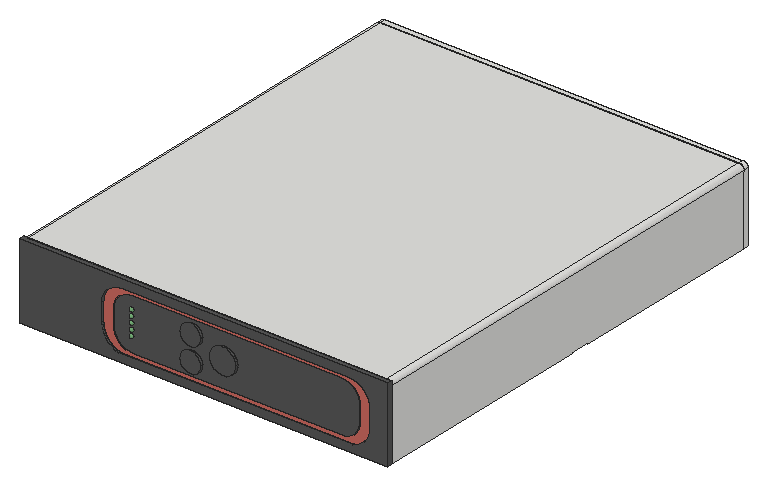
Revit family "Electronics_Video-Encoders_Biamp_Tesira_TesiraLUX_IDH-1__", category Communication Devices, host Face, Revit 2020
Family settings
  Host = Face
  Maintain Annotation Orientation = No
  Round Connector Dimension = Use Diameter
  Part Type = Normal
  OmniClass Number = 23.85.10.11.11
  OmniClass Title = Sound and Signal Devices
  Cut with Voids When Loaded = No
  Shared = No
  Room Calculation Point = No
Parameters (values of type "IDH-1")
  Width = 8.50"  # constant formula
  Weight = 4.00 lbf  # constant formula
  Voltage = 120 V
  Temperature Range = "32 - 104° F (0 - 40° C)"  # constant formula
  THD+N = "0dB Gain, +4dBu In: < 0.006% at 22Hz~22kHz; 54dB Gain, -50dBu In: < 0.040% at 22Hz~22kHz; "  # constant formula
  Supported Resolutions = "Up to 4K60"  # constant formula
  Sampling Rate = "48kHz"  # constant formula
  Rotation Angle [instance] = if(or([Nominal RMK-1], [Nominal RMK-2]), 0.00°, 90.00°)  # 90.00°
  RS-232 = "115200/8-N-1"  # constant formula
  Product data url = "https://www.bimobject.com/biamp/product/tesiralux-idh-1_video-encoders-decoder"
  Power Factor = 1
  Physical Interface = "HDMI, DisplayPort"  # constant formula
  Phantom Power = "+48 VDC (7mA/input)"  # constant formula
  Offset Entourage X [instance] = if([Nominal RMK-1], 4.4685", if([Nominal RMK-2], 4.46063", if([Nominal UTMK-1], 0.00", if(Nominal No mount, 0.00", 0.00"))))  # 0.00"
  UTMK-1 = UTMK-1 : UTMK-1
  URL = "https://www.biamp.com/"
  RMK-2 = RMK-2 : RMK-2
  Product Page URL = "https://www.biamp.com/products/tesira-video-encoders-decoders#tesiralux-idh-1"
  Product Documentation Link = "https://downloads.biamp.com/assets/docs/default-source/data-sheets/biamp_data_sheet_tesiralux_idh-1_feb20.pdf"
  RMK-1 = RMK-1 : RMK-1
  Offset Entourage Y [instance] = if([Nominal RMK-1], 1.385", if([Nominal RMK-2], 1.385", if([Nominal UTMK-1], 0.00", if(Nominal No mount, 0.00", 0.00"))))  # 0.00"
  Offset [instance] = if([Nominal RMK-1], 0.00", if([Nominal RMK-2], 0.08", if([Nominal UTMK-1], 0.08", if(Nominal No mount, 0.00", 0.00"))))  # 0.00"
  Number of Poles = 1  # constant formula
  Nominal UTMK-1 [instance] = Mount Type = [UTMK-1]  # no
  Nominal RMK-2 [instance] = Mount Type = [RMK-2]  # no
  Nominal RMK-1 [instance] = Mount Type = [RMK-1]  # no
  Nominal No mount [instance] = Mount Type = No mount  # yes
  No mount = No mount : No mount
  Network Transit Latency = "1.5 frames (25ms at 60fps)"  # constant formula
  Mount Type [instance] = No mount : No mount
  Model = "TesiraLUX IDH-1"  # constant formula
  Media Connections = "1Gb: RJ-45 twisted-pair Ethernet (Cat 5e and above); 10Gb: 10G fiber SFP+"  # constant formula
  Maximum Input = "+24dBu"  # constant formula
  Manufacturer = "Biamp"  # constant formula
  Logic Output Type = "Open Collector; Sink 40V/300mA per output"  # constant formula
  Logic Input Trigger = "Contact Closure or 5V TTL"  # constant formula
  LED Driver = "5V/10mA per output"  # constant formula
  Input Impedance = "8 kohm (balanced)"  # constant formula
  Input Gain Range = "0 - 66dB at 6dB Steps"  # constant formula
  Humidity = "0-95% relative humidity (non-condensing)"  # constant formula
  Housing Material = Biamp - Metal - Silver
  Height = 1.75"  # constant formula
  HDMI Audio Formats = "8ch PCM"  # constant formula
  Frequency Response = "+0.25 dB/-0.5 dB 20Hz~20kHz at +4dBu"  # constant formula
  EIN = "20Hz~20kHz, 66dB Gain, 150 ohm: < -125dBu"  # constant formula
  Dynamic Range = "22Hz to 22kHz, 0dB gain: > 108dB"  # constant formula
  Description = "TesiraLUX™ IDH-1 AVB Video Encoder"  # constant formula
  Depth = 10.40"  # constant formula
  Default Elevation = 48.00"
  Current = 0.5 A
  Cross Talk = "0dB Gain, +4dBu In: < -85dB channel to channel at 1kHz; 54dB Gain, -50dBu In: < -75dB channel to channel at 1kHz; "  # constant formula
  Control Connection = "RJ-45 with Ethernet cable (Cat 5e and above)"  # constant formula
  Connector Description = "100 - 240V 50/60Hz"  # constant formula
  Compliance = "FCC Part 15B (USA); UL and C-UL (USA and Canada); CE Marked (Europe); RoHS Directive (Europe)"  # constant formula
  Colorspace = "Up to Rec. 2020"  # constant formula
  Color Formats = "Color Formats"  # constant formula
  Color Depth = "8-bit, 10-bit, 12-bit, 16-bit"  # constant formula
  Chroma Subsampling = "4:4:4, 4:2:2, 4:2:0"  # constant formula
  Assembly Code = ""
  Apparent Load = Voltage * Current  # 60 VA
  Altitude = "0-6,600 ft (0-2000m) MSL"  # constant formula
  A/D - D/A Converters = "24-bit"  # constant formula
Reference planes (in)
  plane 1 "Center (Front/Back)": y = 0
  plane 2: z = 0
  plane 3: x = 0
  plane 4: x = 4.25
  plane 5 "Center (Left/Right)": x = -4.25
  plane 6: y = 5.2
  plane 7: y = -5.2
  plane 8: z = 1.78516
  plane 9: y = -5.19922
  plane 10: y = -5.09462
  plane 11: z = 1.66016
  plane 12 "2": z = 0.03516
  plane 13: x = -4.70577
  plane 14: x = 13.63823
Lines and regions (in)
  symbolic lines, visible <- "Nominal RMK-1"
    curve 1: line (4.40636, -5.2, 0) -> (13.9683, -5.2, 0)
    curve 2: line (13.9683, -5.11416, 0) -> (4.40636, -5.11416, 0)
    curve 3: line (13.9683, -5.2, 0) -> (13.9683, -5.11416, 0)
  symbolic lines, visible <- "Nominal RMK-2"
    curve 4: line (13.28048, -5.09492, 0) -> (13.28048, -4.11311, 0)
    curve 5: line (13.17557, -4.11311, 0) -> (13.17557, -5.09458, 0)
    curve 6: line (13.17557, -4.11311, 0) -> (13.28048, -4.11311, 0)
    curve 7: arc (13.17557, -5.09458, 0) -> (13.21163, -5.18165, 0) -> (13.2987, -5.21771, 0) r 0.12313
    curve 8: line (13.92601, -5.11311, 0) -> (13.29794, -5.11311, 0)
    curve 9: line (13.92601, -5.21771, 0) -> (13.92601, -5.11311, 0)
    curve 10: line (13.2987, -5.21771, 0) -> (13.92601, -5.21771, 0)
    curve 11: arc (13.28048, -5.09492, 0) -> (13.28555, -5.10753, 0) -> (13.29794, -5.11311, 0) r 0.01821
  reference lines
    curve 12: line (-1.71783, -5.09462, 0) -> (-1.71783, -2.44879, 0)
Dimensions and locks (in)
  "Width": plane 5 "Center (Left/Right)" to plane 4
  equal spacing: plane 5 "Center (Left/Right)", plane 3, plane 4
  equal spacing: plane 7, plane 1 "Center (Front/Back)", plane 6
  "Depth": plane 6 to plane 7
  "Height": plane 8 to plane 12 "2"
  locked: plane 9 to plane 10 at 0.1046
  locked: plane 11 to plane 12 "2" at 1.625
  "Offset Entourage X": nested 1 to plane 3
  plane 8 to plane 12 "2" = 1.75"
  "Rotation Angle": angle curve 12 to plane 10
  aligned and locked: plane 2 to host face
  aligned and locked: level to host face
  aligned and locked: plane 10 to curve 12
  aligned and locked: plane 4 to nested 2
  aligned and locked: level to curve 12
Automatic sketch dimensions
  plane 7 to curve 1 = 0.00"
  curve 6 to plane 10 = 0.98151"
  curve 5 to curve 4 = 0.10491"
  curve 4 to curve 8 = 0.01746"
  plane 10 to curve 11 = 0.0003"
  curve 4 to curve 11 = 0.01821"
  curve 7 to plane 10 = 0.00004"
  curve 11 to curve 7 = 0.00001"
  curve 7 to curve 10 = 0.62731"
  curve 9 to curve 3 = 0.04229"
  plane 10 to curve 3 = 0.01954"
  host sketch curve to host sketch curve = 69.9283"
  host sketch curve to host sketch curve = 69.30298"
  plane 4 to curve 6 = 8.92557"
  plane 4 to curve 1 = 0.15636"
  curve 2 to curve 1 = 0.00"
Nested families (in)
  nested 1: "No mount" at (0, -3.81492, 0), type <- "Mount Type", type "No mount"
  nested 2: "TESIRA" at (-0.00197, 0, 0), Offset <- "Offset", type "IDH-1"
    with Offset 0.00"
Connectors (in)
  electrical at (3.01775, 5.07966, 1.07599), driven by "Number of Poles", driven by "Voltage", driven by "Apparent Load", driven by "Power Factor", driven by "Connector Description"
    settings: on nested 2, index 1, voltage 120 V, apparent load 0 VA, apparent load phase1 60 VA, apparent load phase2 0 VA, apparent load phase3 0 VA, power factor 1, load classification "Other", number of poles 1, system type 31, power factor state 1, is connector primary yes, connector utility no, sub classification motor no, connector description "100 - 240V 50/60Hz"
  electrical at (1.22968, 5.07966, 1.1377)
    settings: on nested 2, index 2, voltage 0 V, apparent load 0 VA, apparent load phase1 0 VA, apparent load phase2 0 VA, apparent load phase3 0 VA, power factor 1, load classification "Other", number of poles 1, system type 5, power factor state 1, is connector primary no, connector utility no, sub classification motor no, connector description "RS-232"
  electrical at (1.36305, 5.07966, 0.35622)
    settings: on nested 2, index 3, voltage 0 V, apparent load 0 VA, apparent load phase1 0 VA, apparent load phase2 0 VA, apparent load phase3 0 VA, power factor 1, load classification "Other", number of poles 1, system type 5, power factor state 1, is connector primary no, connector utility no, sub classification motor no, connector description "RJ-45; Control"
  electrical at (0.1004, 5.07966, 0.35115)
    settings: on nested 2, index 4, voltage 0 V, apparent load 0 VA, apparent load phase1 0 VA, apparent load phase2 0 VA, apparent load phase3 0 VA, power factor 1, load classification "Other", number of poles 1, system type 5, power factor state 1, is connector primary no, connector utility no, sub classification motor no, connector description "RJ-45; AVB Network connector"
  electrical at (0.06684, 5.07966, 1.03556)
    settings: on nested 2, index 5, voltage 0 V, apparent load 0 VA, apparent load phase1 0 VA, apparent load phase2 0 VA, apparent load phase3 0 VA, power factor 1, load classification "Other", number of poles 1, system type 5, power factor state 1, is connector primary no, connector utility no, sub classification motor no, connector description "Logic I/O"
  electrical at (-0.91725, 5.07966, 1.10599)
    settings: on nested 2, index 6, voltage 0 V, apparent load 0 VA, apparent load phase1 0 VA, apparent load phase2 0 VA, apparent load phase3 0 VA, power factor 1, load classification "Other", number of poles 1, system type 5, power factor state 1, is connector primary no, connector utility no, sub classification motor no, connector description "Audio Input 2"
  electrical at (-0.97427, 5.07966, 0.43782)
    settings: on nested 2, index 7, voltage 0 V, apparent load 0 VA, apparent load phase1 0 VA, apparent load phase2 0 VA, apparent load phase3 0 VA, power factor 1, load classification "Other", number of poles 1, system type 5, power factor state 1, is connector primary no, connector utility no, sub classification motor no, connector description "AVB SFP+"
  electrical at (-1.72237, 5.07966, 1.10318)
    settings: on nested 2, index 8, voltage 0 V, apparent load 0 VA, apparent load phase1 0 VA, apparent load phase2 0 VA, apparent load phase3 0 VA, power factor 1, load classification "Other", number of poles 1, system type 5, power factor state 1, is connector primary no, connector utility no, sub classification motor no, connector description "Audio Input 1"
  electrical at (-2.4154, 5.07966, 0.38188)
    settings: on nested 2, index 9, voltage 0 V, apparent load 0 VA, apparent load phase1 0 VA, apparent load phase2 0 VA, apparent load phase3 0 VA, power factor 1, load classification "Other", number of poles 1, system type 5, power factor state 1, is connector primary no, connector utility no, sub classification motor no, connector description "HDMI; Media Input"
  electrical at (-3.44866, 5.07966, 0.38188)
    settings: on nested 2, index 10, voltage 0 V, apparent load 0 VA, apparent load phase1 0 VA, apparent load phase2 0 VA, apparent load phase3 0 VA, power factor 1, load classification "Other", number of poles 1, system type 5, power factor state 1, is connector primary no, connector utility no, sub classification motor no, connector description "DisplayPort; Media Input"
Definition of nested family "TESIRA"
  Parameters (values of type "IDH-1")
    Width = 8.50394"
    Weight = 4.00 lbf
    Offset 2 = 6.81724"
    OH-1 visible panel back = no
    IDH-1 visible panel back = yes
    URL = "https://www.biamp.com"
    Offset [instance] = 0.00"
    Model = "TESIRALUX IDH-1"
    Material Case = none
    Manufacturer = "Biamp®"
    Height = 1.73228"
    Description = "TesiraLUX™ IDH-1 is an AVB/TSN enabled video encoder capable of transmitting video signals up to and including 4K60. The IDH-1 functions as a server-class device in a Tesira media system and is confgured through the Tesira software. Acting as an AVB talker, the IDH-1 fully integrates digital audio and video on a single network, allowing for automatic lip sync management and end-to-end network transit latencies of 1.5 frames or less. Integrated design, configuration, and control is facilitated via a single software platform, reducing the design time needed to deploy media systems. Multiple software-based options are available for managing bandwidth, including setting maximum resolution, minimum frame rate, and/or a rate of compression. The AVB/TSN streams can be over 1Gb or 10Gb ports while control signals are managed via a separate 1Gb Ethernet port. The IDH-1 accepts 8 channels of PCM audio for embedding/deembedding, and includes 2 mic/line level analog inputs. The TesiraLUX IDH-1 is well suited for legal proceedings, lecture halls, multi-use spaces, and other applications where low latency, synchronized media distribution is needed."
    Depth = 10.3937"
    Default Elevation = 48.00"
    Assembly Code = "D6030.10"
  Types (2): name | OH-1 visible panel back | IDH-1 visible panel back | URL | Model | Manufacturer | Description | Assembly Code
    IDH-1 | no | yes | "https://www.biamp.com" | "TESIRALUX IDH-1" | "Biamp®" | "TesiraLUX™ IDH-1 is an AVB/TSN enabled video encoder capable of transmitting video signals up to and including 4K60. The IDH-1 functions as a server-class device in a Tesira media system and is confgured through the Tesira software. Acting as an AVB talker, the IDH-1 fully integrates digital audio and video on a single network, allowing for automatic lip sync management and end-to-end network transit latencies of 1.5 frames or less. Integrated design, configuration, and control is facilitated via a single software platform, reducing the design time needed to deploy media systems. Multiple software-based options are available for managing bandwidth, including setting maximum resolution, minimum frame rate, and/or a rate of compression. The AVB/TSN streams can be over 1Gb or 10Gb ports while control signals are managed via a separate 1Gb Ethernet port. The IDH-1 accepts 8 channels of PCM audio for embedding/deembedding, and includes 2 mic/line level analog inputs. The TesiraLUX IDH-1 is well suited for legal proceedings, lecture halls, multi-use spaces, and other applications where low latency, synchronized media distribution is needed." | "D6030.10"
    OH-1 | yes | no | "" | "" | "" | "" | ""
  Reference planes (in)
    plane 1 "Center (Front/Back)": y = 0
    plane 2: z = 0
    plane 3 "Center (Left/Right)": x = 0
    plane 4: x = -4.25197
    plane 5: x = 4.25197
    plane 6: y = 5.19685
    plane 7: y = -5.19685
    plane 8: z = 0.0359
    plane 9: z = 0
    plane 10: z = 0.0359
    plane 11: z = 1.73228
    plane 12: y = -12.01409
  Forms (in)
    Extrusion 1, solid
      sketch origin (0, 0, 0) x (1, 0, 0) y (0, 1, 0)
        loop
          line (-48, 48) -> (-48, -48) -> (48, -48) -> (48, 48) -> (-48, 48)
      from 0 to -12
    Extrusion 2, solid, material <- "Material Case", visible <- "OH-1 visible panel back", detail levels fine
      sketch origin (0, 0, 0) x (1, 0, 0) y (0, 0, 1)
        loop
          arc (-4.13386, 1.73228) -> (-4.21737, 1.69769) -> (-4.25197, 1.61417) r 0.11811
          line (-4.25197, 1.61417) -> (-4.25197, 0) -> (4.25197, 0) -> (4.25197, 1.61417)
          arc (4.25197, 1.61417) -> (4.21737, 1.69769) -> (4.13386, 1.73228) r 0.11811
          line (4.13386, 1.73228) -> (-4.13386, 1.73228)
      from -5.19685 to -5.07966
    Extrusion 3, void, detail levels fine
      sketch origin (0, 0, 0) x (1, 0, 0) y (0, 0, 1)
        loop
          arc (-1.9061, 1.53543) -> (-2.22328, 1.40406) -> (-2.35466, 1.08688) r 0.44855
          line (-2.35466, 1.08688) -> (-2.35466, 0.66854)
          arc (-2.35466, 0.66854) -> (-2.20929, 0.31761) -> (-1.85836, 0.17224) r 0.49629
          line (-1.85836, 0.17224) -> (3.35675, 0.17224)
          arc (3.35675, 0.17224) -> (3.69746, 0.31337) -> (3.83858, 0.65408) r 0.48183
          line (3.83858, 0.65408) -> (3.83858, 1.04222)
          arc (3.83858, 1.04222) -> (3.69412, 1.39097) -> (3.34537, 1.53543) r 0.49322
          line (3.34537, 1.53543) -> (-1.9061, 1.53543)
      from 5.07874 to 5.19685
    Extrusion 4, solid, detail levels fine
      sketch origin (0, 0, 0) x (1, 0, 0) y (0, 0, 1)
        loop
          arc (-1.70316, 1.44439) -> (-1.99854, 1.32204) -> (-2.1209, 1.02665) r 0.41774
          line (-2.1209, 1.02665) -> (-2.1209, 0.69781)
          arc (-2.1209, 0.69781) -> (-1.98642, 0.37316) -> (-1.66176, 0.23868) r 0.45913
          line (-1.66176, 0.23868) -> (3.12883, 0.23868)
          arc (3.12883, 0.23868) -> (3.44801, 0.37089) -> (3.58022, 0.69006) r 0.45138
          line (3.58022, 0.69006) -> (3.58022, 1.00574)
          arc (3.58022, 1.00574) -> (3.45174, 1.31591) -> (3.14157, 1.44439) r 0.43865
          line (3.14157, 1.44439) -> (-1.70316, 1.44439)
      from 5.07874 to 5.15748
    Revolve 5, solid, detail levels fine
      sketch origin (-1.69644, 0, -0.14456) x (0, 0, 1) y (0, -1, 0)
        loop
          arc (1.33717, 5.15748) -> (1.29771, 5.19694) -> (1.25824, 5.15748) r 0.03946
          line (1.25824, 5.15748) -> (1.33717, 5.15748)
        loop
          arc (1.19785, 5.15748) -> (1.15839, 5.19694) -> (1.11892, 5.15748) r 0.03946
          line (1.11892, 5.15748) -> (1.19785, 5.15748)
        loop
          arc (1.05983, 5.15748) -> (1.02037, 5.19694) -> (0.9809, 5.15748) r 0.03946
          line (0.9809, 5.15748) -> (1.05983, 5.15748)
        loop
          arc (0.92095, 5.15748) -> (0.88149, 5.19694) -> (0.84202, 5.15748) r 0.03946
          line (0.84202, 5.15748) -> (0.92095, 5.15748)
        loop
          arc (0.78497, 5.15748) -> (0.7455, 5.19694) -> (0.70604, 5.15748) r 0.03946
          line (0.70604, 5.15748) -> (0.78497, 5.15748)
        axis (1.33717, 5.15748) -> (0.70604, 5.15748)
      angle from 270 to 450
    Extrusion 6, solid, detail levels fine
      sketch origin (0, 0.80907, 1.73228) x (1, 0, 0) y (0, 1, 0)
        loop
          line (4.25197, -5.88781) -> (-4.25197, -5.88781) -> (-4.25197, -6.00593) -> (4.25197, -6.00593) -> (4.25197, -5.88781)
      from 0 to -1.73228
    Extrusion 7, void, detail levels fine
      sketch origin (0, 0, 0) x (1, 0, 0) y (0, 0, 1)
        loop
          line (-2.10417, 0.50961) -> (-2.72269, 0.50961) -> (-2.72269, 0.25415) -> (-2.10417, 0.25415) -> (-2.10417, 0.50961)
        loop
          line (-1.39575, 1.32925) -> (-2.04505, 1.32925) -> (-2.04505, 0.87711) -> (-1.39575, 0.87711) -> (-1.39575, 1.32925)
        loop
          line (-0.59195, 1.33233) -> (-1.23861, 1.33233) -> (-1.23861, 0.87965) -> (-0.59195, 0.87965) -> (-0.59195, 1.33233)
        loop
          line (-0.6604, 0.65412) -> (-1.2842, 0.65412) -> (-1.2842, 0.22152) -> (-0.6604, 0.22152) -> (-0.6604, 0.65412)
        loop
          line (0.53271, 1.18718) -> (-0.3951, 1.18718) -> (-0.3951, 0.88393) -> (0.53271, 0.88393) -> (0.53271, 1.18718)
        loop
          line (0.42946, 0.60081) -> (-0.22473, 0.60081) -> (-0.22473, 0.10148) -> (0.42946, 0.10148) -> (0.42946, 0.60081)
        loop
          line (1.69335, 0.60635) -> (1.03668, 0.60635) -> (1.03668, 0.10609) -> (1.69335, 0.10609) -> (1.69335, 0.60635)
        loop
          line (1.49994, 1.37947) -> (0.97594, 1.37947)
          arc (0.97594, 1.37947) -> (0.86324, 1.32572) -> (0.83409, 1.2043) r 0.14502
          line (0.83409, 1.2043) -> (0.8716, 1.02786)
          arc (0.8716, 1.02786) -> (0.91572, 0.95585) -> (0.99533, 0.92766) r 0.1265
          line (0.99533, 0.92766) -> (1.465, 0.92766)
          arc (1.465, 0.92766) -> (1.54353, 0.95585) -> (1.58619, 1.02755) r 0.12345
          line (1.58619, 1.02755) -> (1.62508, 1.22766)
          arc (1.62508, 1.22766) -> (1.59831, 1.33308) -> (1.49994, 1.37947) r 0.12748
        loop
          line (3.4038, 1.53539) -> (2.63622, 1.53539)
          arc (2.63622, 1.53539) -> (2.47481, 1.46853) -> (2.40795, 1.30712) r 0.22827
          line (2.40795, 1.30712) -> (2.40795, 0.83462)
          arc (2.40795, 0.83462) -> (2.46988, 0.68511) -> (2.61939, 0.62318) r 0.21144
          line (2.61939, 0.62318) -> (3.4133, 0.62318)
          arc (3.4133, 0.62318) -> (3.56977, 0.68799) -> (3.63458, 0.84445) r 0.22127
          line (3.63458, 0.84445) -> (3.63458, 1.30461)
          arc (3.63458, 1.30461) -> (3.56698, 1.46779) -> (3.4038, 1.53539) r 0.23078
      from -5.19685 to -5.07966
    Extrusion 8, solid, detail levels medium
      sketch origin (0, 0.80907, 0) x (1, 0, 0) y (0, -1, 0)
        loop
          line (-4.25197, 5.88781) -> (4.25197, 5.88781) -> (4.25197, 6.00593) -> (-4.25197, 6.00593) -> (-4.25197, 5.88781)
      from 0 to -1.73228
    Extrusion 9, solid, material <- "Material Case", detail levels medium
      sketch origin (0, 0, 0) x (1, 0, 0) y (0, 0, 1)
        loop
          arc (-4.13386, 1.73228) -> (-4.21737, 1.69769) -> (-4.25197, 1.61417) r 0.11811
          line (-4.25197, 1.61417) -> (-4.25197, 0) -> (4.25197, 0) -> (4.25197, 1.61417)
          arc (4.25197, 1.61417) -> (4.21737, 1.69769) -> (4.13386, 1.73228) r 0.11811
          line (4.13386, 1.73228) -> (-4.13386, 1.73228)
      from -5.19685 to 5.07874
    Extrusion 10, solid, material <- "Material Case", detail levels coarse
      sketch origin (0, 0.80907, 0) x (1, 0, 0) y (0, -1, 0)
        loop
          line (-4.25197, -4.38778) -> (4.25197, -4.38778) -> (4.25197, 6.00593) -> (-4.25197, 6.00593) -> (-4.25197, -4.38778)
      from -1.73228 to 0
    Extrusion 11, solid, material <- "Material Case", detail levels fine
      sketch origin (-2.66886, 0, 0) x (1, 0, 0) y (0, 0, 1)
        loop
          arc (-1.465, 1.73228) -> (-1.54852, 1.69769) -> (-1.58311, 1.61417) r 0.11811
          line (-1.58311, 1.61417) -> (-1.58311, 0) -> (6.92082, 0) -> (6.92082, 1.61417)
          arc (6.92082, 1.61417) -> (6.88623, 1.69769) -> (6.80271, 1.73228) r 0.11811
          line (6.80271, 1.73228) -> (-1.465, 1.73228)
      from -5.07966 to 5.07874
    Extrusion 12, solid, material <- "Material Case", visible <- "IDH-1 visible panel back"
      sketch origin (0, 0, 0) x (1, 0, 0) y (0, 0, 1)
        loop
          line (4.25197, 0) -> (4.25197, 1.61417)
          arc (4.25197, 1.61417) -> (4.21737, 1.69769) -> (4.13386, 1.73228) r 0.11811
          line (4.13386, 1.73228) -> (-4.13386, 1.73228)
          arc (-4.13386, 1.73228) -> (-4.21737, 1.69769) -> (-4.25197, 1.61417) r 0.11811
          line (-4.25197, 1.61417) -> (-4.25197, 0) -> (4.25197, 0)
      from -5.19685 to -5.07966
    Extrusion 13, void, detail levels fine
      sketch origin (0, 0, 0) x (1, 0, 0) y (0, 0, 1)
        loop
          line (-2.10417, 0.50961) -> (-2.72269, 0.50961) -> (-2.72269, 0.25415) -> (-2.10417, 0.25415) -> (-2.10417, 0.50961)
        loop
          line (-1.39575, 1.32925) -> (-2.04505, 1.32925) -> (-2.04505, 0.87711) -> (-1.39575, 0.87711) -> (-1.39575, 1.32925)
        loop
          line (-0.59195, 1.33233) -> (-1.23861, 1.33233) -> (-1.23861, 0.87965) -> (-0.59195, 0.87965) -> (-0.59195, 1.33233)
        loop
          line (-0.6604, 0.65412) -> (-1.2842, 0.65412) -> (-1.2842, 0.22152) -> (-0.6604, 0.22152) -> (-0.6604, 0.65412)
        loop
          line (0.53271, 1.18718) -> (-0.3951, 1.18718) -> (-0.3951, 0.88393) -> (0.53271, 0.88393) -> (0.53271, 1.18718)
        loop
          line (0.42946, 0.60081) -> (-0.22473, 0.60081) -> (-0.22473, 0.10148) -> (0.42946, 0.10148) -> (0.42946, 0.60081)
        loop
          line (1.69335, 0.60635) -> (1.03668, 0.60635) -> (1.03668, 0.10609) -> (1.69335, 0.10609) -> (1.69335, 0.60635)
        loop
          line (1.49994, 1.37947) -> (0.97594, 1.37947)
          arc (0.97594, 1.37947) -> (0.86324, 1.32572) -> (0.83409, 1.2043) r 0.14502
          line (0.83409, 1.2043) -> (0.8716, 1.02786)
          arc (0.8716, 1.02786) -> (0.91572, 0.95585) -> (0.99533, 0.92766) r 0.1265
          line (0.99533, 0.92766) -> (1.465, 0.92766)
          arc (1.465, 0.92766) -> (1.54353, 0.95585) -> (1.58619, 1.02755) r 0.12345
          line (1.58619, 1.02755) -> (1.62508, 1.22766)
          arc (1.62508, 1.22766) -> (1.59831, 1.33308) -> (1.49994, 1.37947) r 0.12748
        loop
          line (3.4038, 1.53539) -> (2.63622, 1.53539)
          arc (2.63622, 1.53539) -> (2.47481, 1.46853) -> (2.40795, 1.30712) r 0.22827
          line (2.40795, 1.30712) -> (2.40795, 0.83462)
          arc (2.40795, 0.83462) -> (2.46988, 0.68511) -> (2.61939, 0.62318) r 0.21144
          line (2.61939, 0.62318) -> (3.4133, 0.62318)
          arc (3.4133, 0.62318) -> (3.56977, 0.68799) -> (3.63458, 0.84445) r 0.22127
          line (3.63458, 0.84445) -> (3.63458, 1.30461)
          arc (3.63458, 1.30461) -> (3.56698, 1.46779) -> (3.4038, 1.53539) r 0.23078
        loop
          line (-3.13743, 0.50961) -> (-3.75595, 0.50961) -> (-3.75595, 0.25415) -> (-3.13743, 0.25415) -> (-3.13743, 0.50961)
      from -5.19685 to -5.07966
    Extrusion 14, void
      sketch origin (0, 0, 0) x (1, 0, 0) y (0, 1, 0)
        loop
          line (3.96375, 0.57455) -> (3.96375, 0.10455) -> (4.25197, 0.10455) -> (4.25197, 0.57455) -> (3.96375, 0.57455)
        loop
          line (-3.96375, 0.57455) -> (-4.25197, 0.57455) -> (-4.25197, 0.10455) -> (-3.96375, 0.10455) -> (-3.96375, 0.57455)
      from 0 to 0.0359
    Extrusion 15, solid, detail levels fine
      sketch origin (0, 0, 0) x (1, 0, 0) y (0, 0, 1)
        loop
          arc (-1.70316, 1.44439) -> (-1.99854, 1.32204) -> (-2.1209, 1.02665) r 0.41774
          line (-2.1209, 1.02665) -> (-2.1209, 0.69781)
          arc (-2.1209, 0.69781) -> (-1.98642, 0.37316) -> (-1.66176, 0.23868) r 0.45913
          line (-1.66176, 0.23868) -> (3.12883, 0.23868)
          arc (3.12883, 0.23868) -> (3.44801, 0.37089) -> (3.58022, 0.69006) r 0.45138
          line (3.58022, 0.69006) -> (3.58022, 1.00574)
          arc (3.58022, 1.00574) -> (3.45174, 1.31591) -> (3.14157, 1.44439) r 0.43865
          line (3.14157, 1.44439) -> (-1.70316, 1.44439)
        loop
          arc (-1.9061, 1.53543) -> (-2.22328, 1.40406) -> (-2.35466, 1.08688) r 0.44855
          line (-2.35466, 1.08688) -> (-2.35466, 0.66854)
          arc (-2.35466, 0.66854) -> (-2.20929, 0.31761) -> (-1.85836, 0.17224) r 0.49629
          line (-1.85836, 0.17224) -> (3.35675, 0.17224)
          arc (3.35675, 0.17224) -> (3.69746, 0.31337) -> (3.83858, 0.65408) r 0.48183
          line (3.83858, 0.65408) -> (3.83858, 1.04222)
          arc (3.83858, 1.04222) -> (3.69412, 1.39097) -> (3.34537, 1.53543) r 0.49322
          line (3.34537, 1.53543) -> (-1.9061, 1.53543)
      from 5.07874 to 5.15748
    Extrusion 16, solid, detail levels fine
      sketch origin (0, 0, 0) x (1, 0, 0) y (0, 0, 1)
        loop
          circle (-0.30803, 1.13228) r 0.24
        loop
          circle (-0.30803, 0.56352) r 0.24
        loop
          circle (0.44197, 0.8479) r 0.3
      from 5.07874 to 5.19685
  Cuts and joins
    Extrusion 3, Extrusion 7 cuts Extrusion 2
    Extrusion 3 cuts Extrusion 6
    Extrusion 13 cuts Extrusion 12
    Extrusion 14 cuts Extrusion 9
    Extrusion 14 cuts Extrusion 10
    Extrusion 14 cuts Extrusion 11
  Lines and regions (in)
    Masking region 1
      outline origin (0, 0, 0) x (1, 0, 0) y (0, 1, 0)
        loop
          line (-4.25197, 5.19685) -> (-4.25197, -5.19685) -> (4.25197, -5.19685) -> (4.25197, 5.19685) -> (-4.25197, 5.19685)
    symbolic lines, detail levels medium+fine
      curve 1: line (-4.25197, 5.07966, 0) -> (4.25197, 5.07966, 0)
      curve 2: line (4.25197, -5.07874, 0) -> (-4.25197, -5.07874, 0)
  Dimensions and locks (in)
    equal spacing: plane 4, plane 3 "Center (Left/Right)", plane 5
    "Width": plane 4 to plane 5
    equal spacing: plane 6, plane 1 "Center (Front/Back)", plane 7
    "Depth": plane 7 to plane 6
    locked: plane 9 to plane 8 at 0.0359
    locked: plane 11 to Extrusion 15 sketch curve at 0.19685
    locked: Extrusion 15 sketch curve to plane 10 at 0.13634
    locked: Extrusion 15 sketch curve to plane 10 at 0.20278
    locked: plane 11 to Extrusion 15 sketch curve at 0.28789
    locked: plane 11 to plane 10 at 1.69638
    "Offset": plane 9 to level
    "Offset 2": plane 7 to plane 12
    locked: Extrusion 16 sketch curve to Extrusion 16 sketch curve at 0.56876
    locked: cut or joined group of Extrusion 10, Extrusion 14 to Extrusion 16 sketch curve at 0.88438
    locked: cut or joined group of Extrusion 10, Extrusion 14 to Extrusion 16 sketch curve at 0.6
    locked: Extrusion 16 sketch curve to plane 3 "Center (Left/Right)" at 0.44197
    aligned and locked: plane 2 to Extrusion 1
    aligned and locked: level to Extrusion 1
    aligned and locked: plane 4 to Extrusion 2 sketch curve
    aligned and locked: plane 5 to Extrusion 2 sketch curve
    aligned and locked: plane 6 to Extrusion 2
    aligned and locked: plane 7 to cut or joined group of Extrusion 2, Extrusion 3, Extrusion 7
    aligned and locked: plane 7 to Extrusion 6 sketch curve
    aligned and locked: Extrusion 6 sketch curve to plane 4
    aligned and locked: Extrusion 6 sketch curve to plane 5
    aligned and locked: plane 6 to cut or joined group of Extrusion 2, Extrusion 3, Extrusion 7
    aligned and locked: plane 5 to Extrusion 8 sketch curve
    aligned and locked: Extrusion 8 sketch curve to plane 7
    aligned and locked: plane 4 to Extrusion 8 sketch curve
    aligned and locked: plane 4 to Extrusion 9 sketch curve
    aligned and locked: plane 5 to Extrusion 9 sketch curve
    aligned and locked: plane 5 to Extrusion 10 sketch curve
    aligned and locked: plane 4 to Extrusion 10 sketch curve
    aligned and locked: Extrusion 10 sketch curve to plane 7
    aligned and locked: Extrusion 11 to plane 5
    aligned and locked: Extrusion 11 to plane 4
    aligned and locked: plane 6 to Extrusion 12
    aligned and locked: plane 8 to cut or joined group of Extrusion 11, Extrusion 14
    aligned and locked: cut or joined group of Extrusion 11, Extrusion 14 to plane 9
    aligned and locked: plane 8 to plane 10
    aligned and locked: plane 9 to cut or joined group of Extrusion 9, Extrusion 14  (x2)
    aligned and locked: plane 9 to cut or joined group of Extrusion 12, Extrusion 13
    aligned and locked: plane 9 to cut or joined group of Extrusion 2, Extrusion 3, Extrusion 7
    aligned and locked: Masking region 1 sketch curve to plane 4
    aligned and locked: Masking region 1 sketch curve to plane 6
    aligned and locked: Masking region 1 sketch curve to plane 5
    aligned and locked: Masking region 1 sketch curve to plane 7
  Automatic sketch dimensions
    Extrusion 1 sketch curve to Extrusion 1 sketch curve = 96.00"  (x2)
    Extrusion 4 sketch curve to Extrusion 4 sketch curve = 0.04139"
    Revolve 5 sketch curve to Revolve 5 sketch curve = 0.03946"  (x5)
    Revolve 5 sketch curve to Revolve 5 sketch curve = 0.05706"
    Revolve 5 sketch curve to Revolve 5 sketch curve = 0.05995"
    Revolve 5 sketch curve to Revolve 5 sketch curve = 0.05909"
    Revolve 5 sketch curve to Revolve 5 sketch curve = 0.06039"
    Revolve 5 sketch curve to Revolve 5 sketch curve = 0.00847"
    Revolve 5 sketch curve to Revolve 5 sketch curve = 0.03629"
    Extrusion 7 sketch curve to Extrusion 7 sketch curve = 0.76758"
    Extrusion 7 sketch curve to Extrusion 7 sketch curve = 0.21144"
    Extrusion 7 sketch curve to Extrusion 7 sketch curve = 0.7146"
    Extrusion 7 sketch curve to Extrusion 7 sketch curve = 0.06826"
    Extrusion 7 sketch curve to Extrusion 7 sketch curve = 0.0389"
    Extrusion 7 sketch curve to Extrusion 7 sketch curve = 0.12514"
    Extrusion 7 sketch curve to Extrusion 7 sketch curve = 0.12118"
    Extrusion 7 sketch curve to Extrusion 7 sketch curve = 0.42832"
    Extrusion 7 sketch curve to Extrusion 7 sketch curve = 0.04135"
    Extrusion 7 sketch curve to Extrusion 7 sketch curve = 0.01939"
    Extrusion 7 sketch curve to Extrusion 7 sketch curve = 0.12374"
    Extrusion 7 sketch curve to Extrusion 7 sketch curve = 0.14185"
    Extrusion 7 sketch curve to Extrusion 7 sketch curve = 0.30138"
    Extrusion 7 sketch curve to Extrusion 7 sketch curve = 0.10325"
    Extrusion 7 sketch curve to plane 3 "Center (Left/Right)" = 0.22473"
    Extrusion 7 sketch curve to Extrusion 7 sketch curve = 0.17037"
    Extrusion 7 sketch curve to Extrusion 7 sketch curve = 0.19685"
    Extrusion 7 sketch curve to Extrusion 7 sketch curve = 0.06845"
    Extrusion 7 sketch curve to Extrusion 7 sketch curve = 0.57821"
    Extrusion 7 sketch curve to Extrusion 7 sketch curve = 0.04559"
    Extrusion 7 sketch curve to Extrusion 7 sketch curve = 0.15714"
    Extrusion 7 sketch curve to Extrusion 7 sketch curve = 0.25546"
    Extrusion 7 sketch curve to Extrusion 7 sketch curve = 0.3675"
    Extrusion 7 sketch curve to Extrusion 7 sketch curve = 0.00254"
    Extrusion 7 sketch curve to Extrusion 7 sketch curve = 0.00428"
    Extrusion 7 sketch curve to Extrusion 7 sketch curve = 0.0999"
    level to Extrusion 11 sketch curve = 0.00"
    Extrusion 11 sketch curve to plane 4 = 0.00"
    plane 5 to Extrusion 11 sketch curve = 0.00"
    Extrusion 12 sketch curve to plane 4 = 0.00"
    plane 5 to Extrusion 12 sketch curve = 0.00"
    level to Extrusion 12 sketch curve = 0.00"
    Extrusion 13 sketch curve to Extrusion 13 sketch curve = 0.76758"
    Extrusion 13 sketch curve to Extrusion 13 sketch curve = 0.01683"
    Extrusion 13 sketch curve to Extrusion 13 sketch curve = 0.21144"
    Extrusion 13 sketch curve to Extrusion 13 sketch curve = 0.7146"
    Extrusion 13 sketch curve to Extrusion 13 sketch curve = 0.06826"
    Extrusion 13 sketch curve to Extrusion 13 sketch curve = 0.0389"
    Extrusion 13 sketch curve to Extrusion 13 sketch curve = 0.12514"
    Extrusion 13 sketch curve to Extrusion 13 sketch curve = 0.12118"
    Extrusion 13 sketch curve to Extrusion 13 sketch curve = 0.42832"
    Extrusion 13 sketch curve to Extrusion 13 sketch curve = 0.04135"
    Extrusion 13 sketch curve to Extrusion 13 sketch curve = 0.01939"
    Extrusion 13 sketch curve to Extrusion 13 sketch curve = 0.12374"
    Extrusion 13 sketch curve to Extrusion 13 sketch curve = 0.14185"
    Extrusion 13 sketch curve to Extrusion 13 sketch curve = 0.30138"
    plane 3 "Center (Left/Right)" to Extrusion 13 sketch curve = 0.42946"
    Extrusion 13 sketch curve to plane 3 "Center (Left/Right)" = 0.22473"
    Extrusion 13 sketch curve to plane 3 "Center (Left/Right)" = 0.3951"
    Extrusion 13 sketch curve to Extrusion 13 sketch curve = 0.19685"
    Extrusion 13 sketch curve to Extrusion 13 sketch curve = 0.43567"
    Extrusion 13 sketch curve to Extrusion 13 sketch curve = 0.57821"
    Extrusion 13 sketch curve to Extrusion 13 sketch curve = 0.62381"
    Extrusion 13 sketch curve to Extrusion 13 sketch curve = 0.15714"
    Extrusion 13 sketch curve to Extrusion 13 sketch curve = 0.41473"
    Extrusion 13 sketch curve to Extrusion 13 sketch curve = 0.25546"  (x2)
    Extrusion 13 sketch curve to Extrusion 13 sketch curve = 0.3675"
    Extrusion 13 sketch curve to Extrusion 13 sketch curve = 0.22552"
    Extrusion 13 sketch curve to Extrusion 13 sketch curve = 0.28312"
    Extrusion 13 sketch curve to Extrusion 13 sketch curve = 0.1002"
    Extrusion 13 sketch curve to Extrusion 13 sketch curve = 0.14514"
    Extrusion 13 sketch curve to Extrusion 13 sketch curve = 0.03015"
    Extrusion 15 sketch curve to Extrusion 15 sketch curve = 0.04139"
    Extrusion 15 sketch curve to Extrusion 15 sketch curve = 0.20294"
    Extrusion 15 sketch curve to Extrusion 15 sketch curve = 0.02927"
    Extrusion 15 sketch curve to Extrusion 15 sketch curve = 0.03648"
    level to Extrusion 2 sketch curve = 0.00"
    Extrusion 2 sketch curve to Extrusion 2 sketch curve = 0.11811"
    plane 5 to Extrusion 2 sketch curve = 0.11811"
    plane 8 to Extrusion 2 sketch curve = 1.57827"
    plane 8 to Extrusion 3 sketch curve = 0.63264"
    plane 4 to Extrusion 3 sketch curve = 1.89731"
    Extrusion 3 sketch curve to Extrusion 3 sketch curve = 0.44855"
    plane 8 to Extrusion 3 sketch curve = 0.13634"
    plane 5 to Extrusion 3 sketch curve = 0.9066"
    Extrusion 3 sketch curve to Extrusion 3 sketch curve = 0.01138"
    plane 5 to Extrusion 3 sketch curve = 0.41339"
    Extrusion 3 sketch curve to Extrusion 3 sketch curve = 0.38814"
    plane 8 to Extrusion 4 sketch curve = 0.66191"
    Extrusion 4 sketch curve to plane 3 "Center (Left/Right)" = 2.1209"
    Extrusion 4 sketch curve to Extrusion 4 sketch curve = 0.41774"
    plane 5 to Extrusion 4 sketch curve = 1.12313"
    Extrusion 4 sketch curve to Extrusion 4 sketch curve = 0.01273"
    Extrusion 4 sketch curve to Extrusion 4 sketch curve = 0.43865"
    Extrusion 4 sketch curve to Extrusion 4 sketch curve = 0.31568"
    plane 8 to Revolve 5 sketch curve = 0.52557"
    Extrusion 7 sketch curve to Extrusion 7 sketch curve = 0.6493"
    Extrusion 7 sketch curve to Extrusion 7 sketch curve = 0.05912"
    plane 8 to Extrusion 7 sketch curve = 0.21825"
    Extrusion 7 sketch curve to Extrusion 7 sketch curve = 0.61853"
    plane 3 "Center (Left/Right)" to Extrusion 7 sketch curve = 0.42946"
    Extrusion 7 sketch curve to Extrusion 7 sketch curve = 0.22827"
    Extrusion 7 sketch curve to Extrusion 7 sketch curve = 0.00951"
    Extrusion 7 sketch curve to Extrusion 7 sketch curve = 0.22127"
    plane 8 to Extrusion 7 sketch curve = 0.18562"
    plane 8 to Extrusion 7 sketch curve = 0.07019"
    plane 8 to Extrusion 7 sketch curve = 0.06558"
    Extrusion 7 sketch curve to Extrusion 7 sketch curve = 0.28312"
    Extrusion 7 sketch curve to Extrusion 7 sketch curve = 0.50026"
    plane 8 to Extrusion 7 sketch curve = 0.58728"
    Extrusion 7 sketch curve to Extrusion 7 sketch curve = 0.22552"
    Extrusion 7 sketch curve to Extrusion 7 sketch curve = 0.32131"
    Extrusion 7 sketch curve to Extrusion 7 sketch curve = 0.1002"
    Extrusion 7 sketch curve to Extrusion 7 sketch curve = 0.30325"
    Extrusion 7 sketch curve to Extrusion 7 sketch curve = 0.17644"
    Extrusion 7 sketch curve to Extrusion 7 sketch curve = 0.20011"
    Extrusion 7 sketch curve to Extrusion 7 sketch curve = 0.03015"
    Extrusion 7 sketch curve to Extrusion 7 sketch curve = 0.46015"
    Extrusion 7 sketch curve to Extrusion 7 sketch curve = 0.45214"
    Extrusion 7 sketch curve to Extrusion 7 sketch curve = 0.00308"
    level to Extrusion 9 sketch curve = 0.00"
    plane 4 to Extrusion 9 sketch curve = 0.11811"
    Extrusion 9 sketch curve to Extrusion 9 sketch curve = 0.11811"
    plane 8 to Extrusion 9 sketch curve = 1.57827"
    Extrusion 11 sketch curve to Extrusion 11 sketch curve = 0.11811"
    plane 5 to Extrusion 11 sketch curve = 0.11811"
    plane 8 to Extrusion 11 sketch curve = 1.57827"
    Extrusion 12 sketch curve to Extrusion 12 sketch curve = 0.11811"
    plane 5 to Extrusion 12 sketch curve = 0.11811"
    plane 8 to Extrusion 12 sketch curve = 1.57827"
    Extrusion 13 sketch curve to Extrusion 13 sketch curve = 0.6493"
    Extrusion 13 sketch curve to Extrusion 13 sketch curve = 0.05912"
    Extrusion 13 sketch curve to Extrusion 13 sketch curve = 0.61853"
    plane 8 to Extrusion 13 sketch curve = 0.21825"  (x2)
    plane 4 to Extrusion 13 sketch curve = 0.49602"
    Extrusion 13 sketch curve to Extrusion 13 sketch curve = 0.10325"
    Extrusion 13 sketch curve to Extrusion 13 sketch curve = 0.00951"
    Extrusion 13 sketch curve to Extrusion 13 sketch curve = 0.23078"
    plane 8 to Extrusion 13 sketch curve = 0.18562"
    plane 8 to Extrusion 13 sketch curve = 0.07019"
    plane 8 to Extrusion 13 sketch curve = 0.06558"
    Extrusion 13 sketch curve to Extrusion 13 sketch curve = 0.49933"
    Extrusion 13 sketch curve to Extrusion 13 sketch curve = 0.50026"
    plane 8 to Extrusion 13 sketch curve = 0.58728"
    Extrusion 13 sketch curve to Extrusion 13 sketch curve = 0.22981"
    Extrusion 13 sketch curve to Extrusion 13 sketch curve = 0.32131"
    Extrusion 13 sketch curve to Extrusion 13 sketch curve = 0.0999"
    Extrusion 13 sketch curve to Extrusion 13 sketch curve = 0.30325"
    Extrusion 13 sketch curve to Extrusion 13 sketch curve = 0.17644"
    Extrusion 13 sketch curve to Extrusion 13 sketch curve = 0.15181"
    Extrusion 13 sketch curve to Extrusion 13 sketch curve = 0.46015"
    Extrusion 13 sketch curve to Extrusion 13 sketch curve = 0.45214"
    plane 4 to Extrusion 15 sketch curve = 1.89731"
    Extrusion 15 sketch curve to Extrusion 15 sketch curve = 0.23376"
    Extrusion 15 sketch curve to Extrusion 15 sketch curve = 0.21479"
    plane 5 to Extrusion 15 sketch curve = 1.12313"
    Extrusion 15 sketch curve to Extrusion 15 sketch curve = 0.01273"
    Extrusion 15 sketch curve to Extrusion 15 sketch curve = 0.2038"
    Extrusion 15 sketch curve to Extrusion 15 sketch curve = 0.22792"
    Extrusion 15 sketch curve to Extrusion 15 sketch curve = 0.22347"
    Revolve 5 sketch curve to plane 7 = 0.03937"  (x5)
    Revolve 5 sketch curve to Revolve 5 sketch curve = 0.00"
    Extrusion 10 sketch curve to plane 6 = 0.00"
    Extrusion 8 sketch curve to plane 7 = 0.11811"
    Extrusion 6 sketch curve to Extrusion 6 sketch curve = 0.11811"
    Extrusion 14 sketch curve to plane 5 = 0.00"
    Extrusion 14 sketch curve to Extrusion 14 sketch curve = 0.28822"
    plane 5 to Extrusion 14 sketch curve = 0.28822"
    Extrusion 14 sketch curve to plane 1 "Center (Front/Back)" = 0.10455"  (x2)
    Extrusion 14 sketch curve to Extrusion 14 sketch curve = 0.47"  (x2)
    Extrusion 14 sketch curve to plane 4 = 0.00"
    curve 2 to plane 4 = 0.00"
    curve 1 to plane 4 = 0.00"
    curve 2 to plane 5 = 0.00"
    curve 1 to plane 5 = 0.00"
    curve 2 to plane 7 = 0.11811"
    curve 1 to plane 6 = 0.11719"
    Extrusion 16 sketch curve to plane 3 "Center (Left/Right)" = 0.30803"
    Extrusion 16 sketch curve to Extrusion 16 sketch curve = 0.00"
    radius of Extrusion 16 sketch curve = 0.24"  (x2)
    radius of Extrusion 16 sketch curve = 0.30"
Definition of nested family "No mount"
  Parameters (values of type "No mount")
    Material Plenum Box = none
    Height = 12.00"
    Default Elevation = 48.00"
  Reference planes (in)
    plane 1 "Center (Front/Back)": y = 0
    plane 2: z = 0
    plane 3 "Center (Left/Right)": x = 0
    plane 4: x = -6
    plane 5: x = 6
    plane 6: y = 6
    plane 7: y = -6
    plane 8: z = 4.11483
    plane 9: z = 4.6
    plane 10: y = 4.65
    plane 11: y = -4.65
    plane 12: x = -4.525
    plane 13: x = 4.525
  Dimensions and locks (in)
    equal spacing: plane 4, plane 3 "Center (Left/Right)", plane 5
    equal spacing: plane 6, plane 1 "Center (Front/Back)", plane 7
    plane 4 to plane 5 = 12.00"
    "Height": plane 6 to plane 7
    plane 8 to level = 4.11483"
    plane 9 to plane 8 = 0.48517"
    equal spacing: plane 10, plane 1 "Center (Front/Back)", plane 11
    equal spacing: plane 12, plane 3 "Center (Left/Right)", plane 13
    aligned and locked: plane 2 to level
